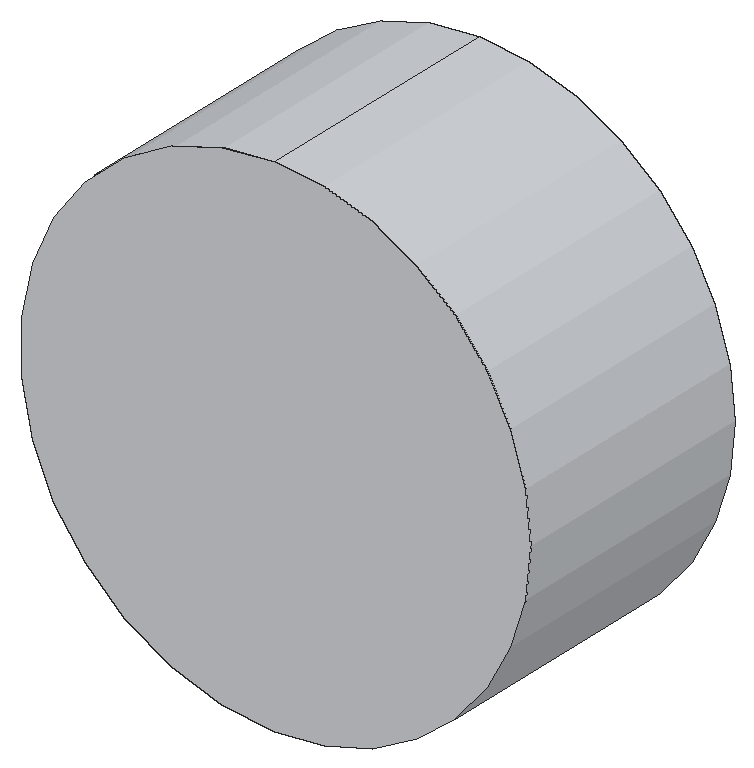
Revit family "VautoW", category Mechanical Equipment, Revit 2024
Family settings
  Round Connector Dimension = Use Diameter
  Classification = None
  Part Type = Normal
  OmniClass Number = 23.75.70.00
  OmniClass Title = HVAC Distribution Devices
  Work Plane-Based = No
  Always vertical = Yes
  Cut with Voids When Loaded = No
  Maintain Annotation Orientation = No
  Shared = No
  Room Calculation Point = No
Parameters (values of type "Standard")
  Sending System = "PRO/ENGINEER BY PARAMETRIC TECHNOLOGY CORPORATION, 2023424"
  Product Id = "PRO/ENGINEER BY PARAMETRIC TECHNOLOGY CORPORATION, 2023424"
  Part Number = "VautoW"
  Minor Version = 0
  Major Version = 5
  Format Version = 0
  Designer = "IM"
  Design State = 1
  Default Elevation = 0' - 0"
  Creation Date = "2025-01-22"
  Author = "IM"
Reference planes (in)
  plane 1 "Center (Front/Back)": y = 0
  plane 2: z = 0
  plane 3 "Center (Left/Right)": x = 0
Forms (in)
  Extrusion 1, solid
    sketch origin (1.375, 0, -2.25) x (0, 0, -1) y (1, 0, 0)
      loop
        circle (0, 0) r 0.12
    from 0 to -0.12
Dimensions and locks (in)
  aligned and locked: plane 2 to level
Connectors (in)
  electrical at (1.375, 0, -2.25)
    settings: on Extrusion 1, index 1, voltage 0 V, apparent load 0 VA, apparent load phase1 0 VA, apparent load phase2 0 VA, apparent load phase3 0 VA, power factor 1, load classification "Other", number of poles 1, system type 13, power factor state 1, is connector primary yes, connector utility no, sub classification motor no, connector description ""
